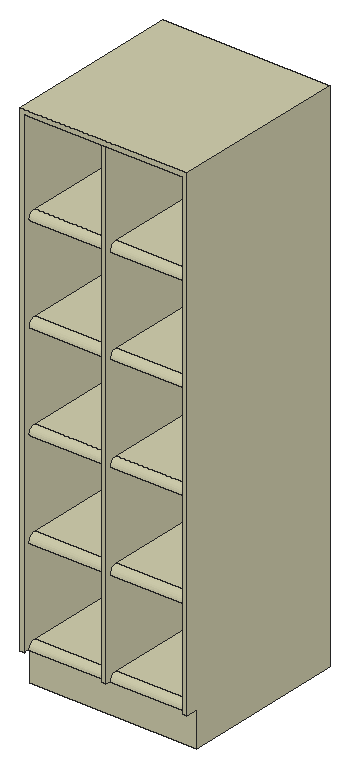
Revit family "Wenger Cabinet 04", category Furniture, Revit 2011
Parameters (values of type "Standard Cabinet #4")
  URL = "http://www.wengercorp.com/Home/Contact.html"
  Toekick Material [instance] = none
  RH End Panel [instance] = no
  Model = "04"
  Manufacturer = "Wenger Corporation"
  LH End Panel [instance] = no
  End Panel Material [instance] = none
  Edge Banding Material [instance] = none
  Door Material [instance] = none
  Description = "Standard Cabinet #4"
  Cabinet Width = 2' - 3 1/2"
  Cabinet Label = Labels : Standard
  Cabinet Height = 7' - 1 5/8"
  Cabinet Depth = 2' - 5 1/4"
  Cabinet Back Thickness = 0' - 0 3/4"
  Assembly Code = ""
Types (4): name | Model | Description | Cabinet Width | Cabinet Label | Cabinet Depth | Cabinet Back Thickness
  Standard Cabinet #4 | "04" | "Standard Cabinet #4" | 2' - 3 1/2" | Labels : Standard | 2' - 5 1/4" | 0' - 0 3/4"
  Narrow Cabinet #4 | "04N" | "Narrow Cabinet #4" | 1' - 9 1/2" | Labels : Narrow | 2' - 5 1/4" | 0' - 0 3/4"
  Acoustic Cabinet #4 | "04A" | "Acoustic Cabinet #4" | 2' - 3 1/2" | Labels : Acoustic | 2' - 7 3/4" | 0' - 3 1/4"
  Narrow Acoustic Cabinet #4 | "04NA" | "Narrow Acoustic Cabinet #4" | 1' - 9 1/2" | Labels : Narrow Acoustic | 2' - 7 3/4" | 0' - 3 1/4"
Reference planes (in)
  plane 1 "Front": y = 0
  plane 2: z = 0
  plane 3 "Left": x = 0
  plane 4 "Right": x = 27.5
  plane 5 "Back": y = 29.25
  plane 6 "Top": z = 85.625
  plane 7: z = 5.625
  plane 8: z = 21.475
  plane 9: z = 37.325
  plane 10: z = 53.175
  plane 11: z = 69.025
  plane 12: x = 0.75
  plane 13: x = 26.75
  plane 14: z = 84.875
  plane 15: x = 13.375
  plane 16: x = 14.125
  plane 17: y = 28.5
  plane 18: y = 2
  plane 19: y = 0.75
  plane 20: z = 22.6
  plane 21: z = 38.45
  plane 22: z = 54.3
  plane 23: z = 70.15
  plane 24: z = 6.75
Forms (in)
  Extrusion 1, solid, material "Wenger - Oyster"
    sketch origin (0, 0, 0) x (0, 1, 0) y (0, 0, 1)
      loop
        line (0, 85.625) -> (0, 5.625) -> (2, 5.625) -> (2, 0) -> (29.25, 0) -> (29.25, 85.625) -> (0, 85.625)
    from 0 to 27.5
  Extrusion 2, void
    sketch origin (0, 0, 0) x (0, 1, 0) y (0, 0, 1)
      loop
        line (-5.5, 84.875) -> (-5.5, 5.625) -> (0.75, 5.625)
        arc (0.75, 5.625) -> (1.18296, 6.40088) -> (2, 6.75) r 1.375
        line (2, 6.75) -> (28.5, 6.75) -> (28.5, 21.475) -> (0.75, 21.475)
        arc (0.75, 21.475) -> (1.18296, 22.25088) -> (2, 22.6) r 1.375
        line (2, 22.6) -> (28.5, 22.6) -> (28.5, 37.325) -> (0.75, 37.325)
        arc (0.75, 37.325) -> (1.18296, 38.10088) -> (2, 38.45) r 1.375
        line (2, 38.45) -> (28.5, 38.45) -> (28.5, 53.175) -> (0.75, 53.175)
        arc (0.75, 53.175) -> (1.18296, 53.95088) -> (2, 54.3) r 1.375
        line (2, 54.3) -> (28.5, 54.3) -> (28.5, 69.025) -> (0.75, 69.025)
        arc (0.75, 69.025) -> (1.18296, 69.80088) -> (2, 70.15) r 1.375
        line (2, 70.15) -> (28.5, 70.15) -> (28.5, 84.875) -> (-5.5, 84.875)
    from 0.75 to 13.375
  Extrusion 3, void
    sketch origin (0, 0, 0) x (0, 1, 0) y (0, 0, 1)
      loop
        line (-5.5, 84.875) -> (-5.5, 5.625) -> (0.75, 5.625)
        arc (0.75, 5.625) -> (1.18296, 6.40088) -> (2, 6.75) r 1.375
        line (2, 6.75) -> (28.5, 6.75) -> (28.5, 21.475) -> (0.75, 21.475)
        arc (0.75, 21.475) -> (1.18296, 22.25088) -> (2, 22.6) r 1.375
        line (2, 22.6) -> (28.5, 22.6) -> (28.5, 37.325) -> (0.75, 37.325)
        arc (0.75, 37.325) -> (1.18296, 38.10088) -> (2, 38.45) r 1.375
        line (2, 38.45) -> (28.5, 38.45) -> (28.5, 53.175) -> (0.75, 53.175)
        arc (0.75, 53.175) -> (1.18296, 53.95088) -> (2, 54.3) r 1.375
        line (2, 54.3) -> (28.5, 54.3) -> (28.5, 69.025) -> (0.75, 69.025)
        arc (0.75, 69.025) -> (1.18296, 69.80088) -> (2, 70.15) r 1.375
        line (2, 70.15) -> (28.5, 70.15) -> (28.5, 84.875) -> (-5.5, 84.875)
    from 14.125 to 26.75
  Extrusion 4, void
    sketch origin (0, 0, 0) x (0, 1, 0) y (0, 0, 1)
      loop
        line (0, 84.875) -> (0, 5.625) -> (0.0625, 5.625) -> (0.0625, 84.875) -> (0, 84.875)
    from 0.75 to 26.75
Cuts and joins
  Extrusion 2, Extrusion 3, Extrusion 4 cuts Extrusion 1
Lines and regions (in)
  symbolic lines
    curve 1: line (0, 29.25, 0) -> (27.5, 29.25, 0)
    curve 2: line (0, 0, 0) -> (0, 29.25, 0)
    curve 3: line (27.5, 0, 0) -> (0, 0, 0)
    curve 4: line (27.5, 29.25, 0) -> (27.5, 0, 0)
Dimensions and locks (in)
  locked: plane 3 "Left" to plane 12 at 0.75
  locked: plane 15 to plane 16 at 0.75
  locked: plane 13 to plane 4 "Right" at 0.75
  "Cabinet Back Thickness": plane 5 "Back" to plane 17
  locked: plane 1 "Front" to plane 19 at 0.75
  locked: plane 1 "Front" to plane 18 at 2
  locked: plane 20 to plane 8 at 1.125
  locked: plane 21 to plane 9 at 1.125
  locked: plane 22 to plane 10 at 1.125
  locked: plane 23 to plane 11 at 1.125
  locked: plane 6 "Top" to plane 14 at 0.75
  equal spacing: plane 14, plane 11, plane 10, plane 9, plane 8, plane 7
  locked: plane 24 to plane 7 at 1.125
  equal spacing: plane 13, plane 15, plane 3 "Left"
  "Cabinet Width": plane 3 "Left" to plane 4 "Right"
  locked: plane 7 to level at 5.625
  "Cabinet Height": plane 6 "Top" to level
  "Cabinet Depth": plane 1 "Front" to plane 5 "Back"
  plane 12 to plane 13 = 2' - 2"
  plane 14 to plane 7 = 6' - 7 1/4"
  aligned and locked: Extrusion 1 sketch curve to plane 6 "Top"
  aligned and locked: Extrusion 1 sketch curve to plane 5 "Back"
  aligned and locked: Extrusion 1 sketch curve to plane 1 "Front"
  aligned and locked: Extrusion 1 sketch curve to plane 7
  aligned and locked: Extrusion 1 sketch curve to plane 18
  aligned and locked: Extrusion 1 sketch curve to level
  aligned and locked: Extrusion 1 to plane 4 "Right"
  aligned and locked: Extrusion 1 to plane 3 "Left"
  aligned and locked: Extrusion 2 sketch curve to plane 14
  aligned and locked: Extrusion 2 sketch curve to plane 17
  aligned and locked: Extrusion 2 sketch curve to plane 11
  aligned and locked: Extrusion 2 sketch curve to plane 22
  aligned and locked: Extrusion 2 sketch curve to plane 10
  aligned and locked: Extrusion 2 sketch curve to plane 21
  aligned and locked: Extrusion 2 sketch curve to plane 9
  aligned and locked: Extrusion 2 sketch curve to plane 20
  aligned and locked: Extrusion 2 sketch curve to plane 8
  aligned and locked: Extrusion 2 sketch curve to plane 24
  aligned and locked: Extrusion 2 sketch curve to plane 23
  aligned and locked: Extrusion 2 to plane 12
  aligned and locked: plane 15 to Extrusion 2
  aligned and locked: Extrusion 3 to plane 13
  aligned and locked: Extrusion 4 sketch curve to cut or joined group of Extrusion 1, Extrusion 2, Extrusion 3, Extrusion 4  (x3)
  aligned and locked: Extrusion 4 to plane 13
  aligned and locked: Extrusion 4 to plane 12
  aligned and locked: plane 3 "Left" to curve 2
  aligned and locked: curve 1 to plane 5 "Back"
  aligned and locked: plane 4 "Right" to curve 4
  aligned and locked: curve 3 to plane 1 "Front"
  aligned and locked: Extrusion 3 to plane 16
Automatic sketch dimensions
  Extrusion 2 sketch curve to plane 7 = 0' - 0"
  Extrusion 2 sketch curve to plane 19 = 0' - 0"  (x5)
  Extrusion 2 sketch curve to plane 18 = 0' - 0"  (x5)
  Extrusion 2 sketch curve to plane 17 = 0' - 0"  (x4)
  plane 1 "Front" to Extrusion 2 sketch curve = 0' - 5 1/2"
  Extrusion 2 sketch curve to plane 18 = 0' - 0.10279"  (x5)
  Extrusion 3 sketch curve to plane 14 = 0' - 0"
  Extrusion 3 sketch curve to plane 7 = 0' - 0"
  Extrusion 3 sketch curve to plane 19 = 0' - 0"  (x5)
  Extrusion 3 sketch curve to plane 11 = 0' - 0"
  Extrusion 3 sketch curve to plane 8 = 0' - 0"
  Extrusion 3 sketch curve to plane 10 = 0' - 0"
  Extrusion 3 sketch curve to plane 9 = 0' - 0"
  Extrusion 3 sketch curve to plane 18 = 0' - 0"  (x5)
  Extrusion 3 sketch curve to plane 17 = 0' - 0"  (x5)
  Extrusion 3 sketch curve to plane 24 = 0' - 0"
  Extrusion 3 sketch curve to plane 20 = 0' - 0"
  Extrusion 3 sketch curve to plane 21 = 0' - 0"
  Extrusion 3 sketch curve to plane 22 = 0' - 0"
  Extrusion 3 sketch curve to plane 23 = 0' - 0"
  plane 1 "Front" to Extrusion 3 sketch curve = 0' - 5 1/2"
  Extrusion 3 sketch curve to plane 18 = 0' - 0.10279"  (x5)
  plane 19 to Extrusion 4 sketch curve = 0' - 0 11/16"
Nested families (in)
  nested 1: "LH End Panel" at (0, 14.25, 0) x (0, -1, 0) z (0, 0, 1), End Panel Material <- "End Panel Material", visible <- "LH End Panel", Edge Banding Material <- "Edge Banding Material", type "20x84 LH"
    with End Panel Material none, Edge Banding Material none, End Panel Depth 2' - 5 1/4"
  nested 2: "RH End Panel" at (28.25, 14.25, 0) x (0, -1, 0) z (0, 0, 1), End Panel Material <- "End Panel Material", visible <- "RH End Panel", Edge Banding Material <- "Edge Banding Material", type "20x84 RH"
    with End Panel Material none, Edge Banding Material none, End Panel Depth 2' - 5 1/4"
  nested 3: "Labels" at (11.125, 13.03125, 0), type <- "Cabinet Label", type "Standard"
  nested 4: "Front Note" at (11.89516, 0.75, 0), type "Front Note", detail levels medium+fine
Definition of nested family "LH End Panel"
  Parameters (values of type "20x84 LH")
    End Panel Material [instance] = none
    End Panel Height = 7' - 1 5/8"
    End Panel Depth = 1' - 7 1/4"
    Edge Banding Material [instance] = none
    Default Elevation = 4' - 0"
    Assembly Code = ""
  Reference planes (in)
    plane 1 "Center (Front/Back)": y = 0
    plane 2: z = 0
    plane 3 "Center (Left/Right)": x = 0
    plane 4: x = -15
    plane 5: x = 4.25
    plane 6: z = 5.625
    plane 7: x = 2.25
    plane 8: z = 85.625
    plane 9: y = -0.75
  Forms (in)
    Extrusion 1, solid, material <- "End Panel Material"
      sketch origin (0, 0, 0) x (1, 0, 0) y (0, 0, 1)
        loop
          line (-15, 85.625) -> (-15, 0) -> (2.25, 0) -> (2.25, 5.625) -> (4.25, 5.625) -> (4.25, 85.625) -> (-15, 85.625)
      from 0 to 0.75
  Dimensions and locks (in)
    locked: plane 7 to plane 5 at 2
    locked: plane 6 to level at 5.625
    "End Panel Height": plane 8 to level
    "End Panel Depth": plane 5 to plane 4
    locked: plane 9 to plane 1 "Center (Front/Back)" at 0.75
    aligned and locked: plane 4 to Extrusion 1 sketch curve
    aligned and locked: level to Extrusion 1 sketch curve
    aligned and locked: plane 7 to Extrusion 1 sketch curve
    aligned and locked: plane 6 to Extrusion 1 sketch curve
    aligned and locked: Extrusion 1 sketch curve to plane 5
    aligned and locked: Extrusion 1 sketch curve to plane 8
    aligned and locked: Extrusion 1 to plane 9
    aligned and locked: Extrusion 1 to plane 1 "Center (Front/Back)"
Definition of nested family "RH End Panel"
  Parameters (values of type "20x84 RH")
    End Panel Material [instance] = none
    End Panel Height = 7' - 1 5/8"
    End Panel Depth = 1' - 7 1/4"
    Edge Banding Material [instance] = none
    Default Elevation = 4' - 0"
    Assembly Code = ""
  Reference planes (in)
    plane 1 "Center (Front/Back)": y = 0
    plane 2: z = 0
    plane 3 "Center (Left/Right)": x = 0
    plane 4: x = -15
    plane 5: x = 4.25
    plane 6: z = 5.625
    plane 7: x = 2.25
    plane 8: z = 85.625
    plane 9: y = -0.75
  Forms (in)
    Extrusion 1, solid, material <- "End Panel Material"
      sketch origin (0, 0, 0) x (1, 0, 0) y (0, 0, 1)
        loop
          line (-15, 85.625) -> (-15, 0) -> (2.25, 0) -> (2.25, 5.625) -> (4.25, 5.625) -> (4.25, 85.625) -> (-15, 85.625)
      from 0 to 0.75
  Dimensions and locks (in)
    locked: plane 7 to plane 5 at 2
    locked: plane 6 to level at 5.625
    "End Panel Height": plane 8 to level
    "End Panel Depth": plane 5 to plane 4
    locked: plane 9 to plane 1 "Center (Front/Back)" at 0.75
    aligned and locked: plane 4 to Extrusion 1 sketch curve
    aligned and locked: level to Extrusion 1 sketch curve
    aligned and locked: plane 7 to Extrusion 1 sketch curve
    aligned and locked: plane 6 to Extrusion 1 sketch curve
    aligned and locked: Extrusion 1 sketch curve to plane 5
    aligned and locked: Extrusion 1 sketch curve to plane 8
    aligned and locked: Extrusion 1 to plane 9
    aligned and locked: Extrusion 1 to plane 1 "Center (Front/Back)"
Definition of nested family "Labels"
  Parameters (values of type "Standard")
    Cabinet Label = "01"
  Types (4): name | Cabinet Label
    Standard | "01"
    Narrow | "01N"
    Narrow Acoustic | "01NA"
    Acoustic | "01A"
  Reference planes (in)
    plane 1: y = 0
    plane 2: x = 0
  Text (in)
    label "xxxx" at (-0.00018, 0.00754, 0), shows "Cabinet Label"
Definition of nested family "Front Note"
  Parameters (values of type "Front Note")
    Cabinet Label = "Front"
  Reference planes (in)
    plane 1: y = 0
    plane 2: x = 0
  Text (in)
    label "Front" at (-0.00018, 0.00754, 0), shows "Cabinet Label"
